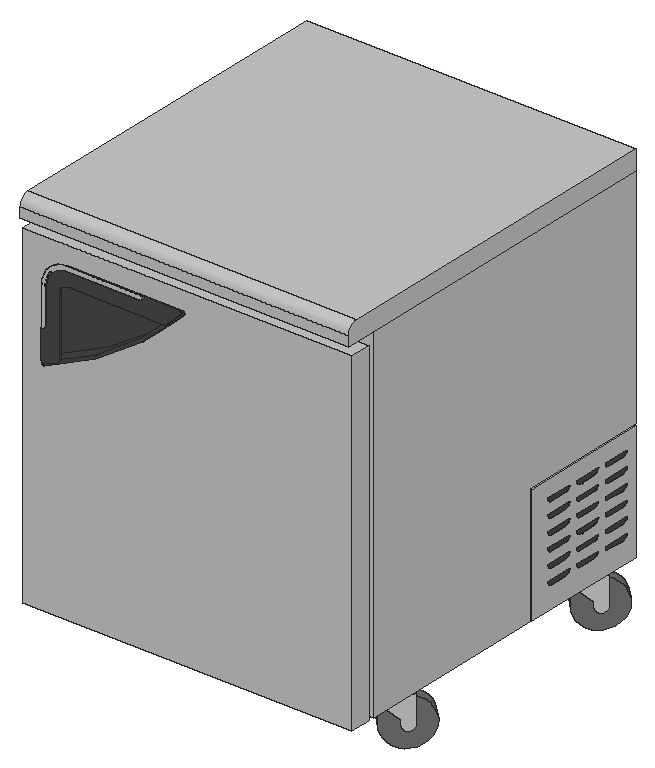
Revit family "QF_Turbo Air_TUF-28SD", category Specialty Equipment, Revit 2012
Parameters
  Weight in Pounds = 163
  Watermarked By = "http://revitwatermark.com"
  Volts = 115 V
  URL Cutsheet = ""
  URL = "www.turboairinc.com"
  Status [instance] = ""
  Specification by User [instance] = ""
  Specification by Manufacturer [instance] = ""
  Serial Number [instance] = ""
  Revision Code [instance] = ""
  Phase = 1
  Number of Poles [instance] = 1
  NAFEM Spec ID Number [instance] = ""
  Model = "TUF-28SD"
  Masterspec [instance] = ""
  Manufacturer = "Turbo Air"  # constant formula
  Legs [instance] = [6 inch Legs]  # no
  Item Number [instance] = "-"
  Installed By [instance] = ""
  HP = "1/3"
  Furnished By [instance] = ""
  Foodservice Equipment Identifier = yes
  FL Amps = 5.3 A
  Electrical Remarks [instance] = ""
  Electric Connection Type [instance] = ""
  Elec Conn RI Height [instance] = 0' - 0"
  Elec Conn Connection Height = 1' - 0"
  Description = "Undercounter Freezer"
  Cycle = 60 Hz
  Conn Plug = "NEMA 5-15P"
  Casters [instance] = not(Legs)  # yes
  CasterLeg Height [instance] = if([4 inch Casters], 0' 5", if([5 inch Casters], 0' 5 3/4", if([2_5 inch Casters], 0' 3 3/8", 0' 6")))  # 0' - 5"
  CSI MasterFormat = "11 41 13"
  Assembly Code = "E1090320"
  Apparent Power = if(Phase = 3, Volts * FL Amps * 1.73, Volts * FL Amps)  # 609.5 VA
  6 inch Legs [instance] = no
  5 inch Casters [instance] = no
  4 inch Casters [instance] = yes
  2_5 inch Casters [instance] = no
Reference planes (in)
  plane 1 "BACK": y = 0
  plane 2: z = 0
  plane 3 "LEFT": x = -20.78844
  plane 4 "Bottom": z = 5
  plane 5 "Back Stops": y = 1
  plane 6 "RIGHT": x = 6.71156
  plane 7 "FRONT": y = -30
  plane 8 "Door Clearance": y = -55.375
  plane 9 "Back of Door": y = -27.875
  plane 10 "Front of Box": y = -27.375
  plane 11 "Top of Door": z = 33.125
  plane 12 "TOP": z = 35.625
  plane 13 "Bottom of TOP": z = 34
Forms (in)
  Extrusion 1, solid, material "QF_Finishes_Stainless Steel"
    sketch origin (-20.78844, 0, 0) x (0, 1, 0) y (0, 0, 1)
      loop
        line (0, 5) -> (0, 34) -> (-27.375, 34) -> (-27.375, 5) -> (0, 5)
    from 0 to 27.5
  Extrusion 2, solid, material "QF_Finishes_Black"
    sketch origin (0, -27.375, 0) x (1, 0, 0) y (0, 0, 1)
      loop
        line (-19.78844, 32.125) -> (-19.78844, 6) -> (5.71156, 6) -> (5.71156, 32.125) -> (-19.78844, 32.125)
    from 0 to 0.5
  Extrusion 3, void
    sketch origin (6.71156, 0, 0) x (0, 1, 0) y (0, 0, 1)
      loop
        line (0, 5) -> (0, 15) -> (-11, 15) -> (-11, 5) -> (0, 5)
    from 0 to -1
  Extrusion 4, solid, material "QF_Finishes_Stainless Steel"
    sketch origin (6.71156, 0, 0) x (0, 1, 0) y (0, 0, 1)
      loop
        line (-10.875, 14.875) -> (-10.875, 5) -> (0, 5) -> (0, 14.875) -> (-10.875, 14.875)
      loop
        arc (-9.25, 13.5) -> (-9.10355, 13.14645) -> (-8.75, 13) r 0.5
        line (-8.75, 13) -> (-7.25, 13)
        arc (-7.25, 13) -> (-6.89645, 13.14645) -> (-6.75, 13.5) r 0.5
        line (-6.75, 13.5) -> (-9.25, 13.5)
      loop
        arc (-6.25, 13.5) -> (-6.10355, 13.14645) -> (-5.75, 13) r 0.5
        line (-5.75, 13) -> (-4.25, 13)
        arc (-4.25, 13) -> (-3.89645, 13.14645) -> (-3.75, 13.5) r 0.5
        line (-3.75, 13.5) -> (-6.25, 13.5)
      loop
        arc (-3.25, 13.5) -> (-3.10355, 13.14645) -> (-2.75, 13) r 0.5
        line (-2.75, 13) -> (-1.25, 13)
        arc (-1.25, 13) -> (-0.89645, 13.14645) -> (-0.75, 13.5) r 0.5
        line (-0.75, 13.5) -> (-3.25, 13.5)
      loop
        arc (-9.25, 12.25) -> (-9.10355, 11.89645) -> (-8.75, 11.75) r 0.5
        line (-8.75, 11.75) -> (-7.25, 11.75)
        arc (-7.25, 11.75) -> (-6.89645, 11.89645) -> (-6.75, 12.25) r 0.5
        line (-6.75, 12.25) -> (-9.25, 12.25)
      loop
        arc (-6.25, 12.25) -> (-6.10355, 11.89645) -> (-5.75, 11.75) r 0.5
        line (-5.75, 11.75) -> (-4.25, 11.75)
        arc (-4.25, 11.75) -> (-3.89645, 11.89645) -> (-3.75, 12.25) r 0.5
        line (-3.75, 12.25) -> (-6.25, 12.25)
      loop
        arc (-3.25, 12.25) -> (-3.10355, 11.89645) -> (-2.75, 11.75) r 0.5
        line (-2.75, 11.75) -> (-1.25, 11.75)
        arc (-1.25, 11.75) -> (-0.89645, 11.89645) -> (-0.75, 12.25) r 0.5
        line (-0.75, 12.25) -> (-3.25, 12.25)
      loop
        arc (-9.25, 11) -> (-9.10355, 10.64645) -> (-8.75, 10.5) r 0.5
        line (-8.75, 10.5) -> (-7.25, 10.5)
        arc (-7.25, 10.5) -> (-6.89645, 10.64645) -> (-6.75, 11) r 0.5
        line (-6.75, 11) -> (-9.25, 11)
      loop
        arc (-6.25, 11) -> (-6.10355, 10.64645) -> (-5.75, 10.5) r 0.5
        line (-5.75, 10.5) -> (-4.25, 10.5)
        arc (-4.25, 10.5) -> (-3.89645, 10.64645) -> (-3.75, 11) r 0.5
        line (-3.75, 11) -> (-6.25, 11)
      loop
        arc (-3.25, 11) -> (-3.10355, 10.64645) -> (-2.75, 10.5) r 0.5
        line (-2.75, 10.5) -> (-1.25, 10.5)
        arc (-1.25, 10.5) -> (-0.89645, 10.64645) -> (-0.75, 11) r 0.5
        line (-0.75, 11) -> (-3.25, 11)
      loop
        arc (-9.25, 9.75) -> (-9.10355, 9.39645) -> (-8.75, 9.25) r 0.5
        line (-8.75, 9.25) -> (-7.25, 9.25)
        arc (-7.25, 9.25) -> (-6.89645, 9.39645) -> (-6.75, 9.75) r 0.5
        line (-6.75, 9.75) -> (-9.25, 9.75)
      loop
        arc (-6.25, 9.75) -> (-6.10355, 9.39645) -> (-5.75, 9.25) r 0.5
        line (-5.75, 9.25) -> (-4.25, 9.25)
        arc (-4.25, 9.25) -> (-3.89645, 9.39645) -> (-3.75, 9.75) r 0.5
        line (-3.75, 9.75) -> (-6.25, 9.75)
      loop
        arc (-3.25, 9.75) -> (-3.10355, 9.39645) -> (-2.75, 9.25) r 0.5
        line (-2.75, 9.25) -> (-1.25, 9.25)
        arc (-1.25, 9.25) -> (-0.89645, 9.39645) -> (-0.75, 9.75) r 0.5
        line (-0.75, 9.75) -> (-3.25, 9.75)
      loop
        arc (-9.25, 8.5) -> (-9.10355, 8.14645) -> (-8.75, 8) r 0.5
        line (-8.75, 8) -> (-7.25, 8)
        arc (-7.25, 8) -> (-6.89645, 8.14645) -> (-6.75, 8.5) r 0.5
        line (-6.75, 8.5) -> (-9.25, 8.5)
      loop
        arc (-6.25, 8.5) -> (-6.10355, 8.14645) -> (-5.75, 8) r 0.5
        line (-5.75, 8) -> (-4.25, 8)
        arc (-4.25, 8) -> (-3.89645, 8.14645) -> (-3.75, 8.5) r 0.5
        line (-3.75, 8.5) -> (-6.25, 8.5)
      loop
        arc (-3.25, 8.5) -> (-3.10355, 8.14645) -> (-2.75, 8) r 0.5
        line (-2.75, 8) -> (-1.25, 8)
        arc (-1.25, 8) -> (-0.89645, 8.14645) -> (-0.75, 8.5) r 0.5
        line (-0.75, 8.5) -> (-3.25, 8.5)
      loop
        arc (-9.25, 7.25) -> (-9.10355, 6.89645) -> (-8.75, 6.75) r 0.5
        line (-8.75, 6.75) -> (-7.25, 6.75)
        arc (-7.25, 6.75) -> (-6.89645, 6.89645) -> (-6.75, 7.25) r 0.5
        line (-6.75, 7.25) -> (-9.25, 7.25)
      loop
        arc (-6.25, 7.25) -> (-6.10355, 6.89645) -> (-5.75, 6.75) r 0.5
        line (-5.75, 6.75) -> (-4.25, 6.75)
        arc (-4.25, 6.75) -> (-3.89645, 6.89645) -> (-3.75, 7.25) r 0.5
        line (-3.75, 7.25) -> (-6.25, 7.25)
      loop
        arc (-3.25, 7.25) -> (-3.10355, 6.89645) -> (-2.75, 6.75) r 0.5
        line (-2.75, 6.75) -> (-1.25, 6.75)
        arc (-1.25, 6.75) -> (-0.89645, 6.89645) -> (-0.75, 7.25) r 0.5
        line (-0.75, 7.25) -> (-3.25, 7.25)
    from 0 to -1
  Extrusion 5, solid, material "QF_Finishes_Black"
    sketch origin (6.71156, 0, 0) x (0, 1, 0) y (0, 0, 1)
      loop
        line (-9.875, 13.95221) -> (-9.875, 6.20221) -> (-0.375, 6.20221) -> (-0.375, 13.95221) -> (-9.875, 13.95221)
    from -0.125 to -1
  Extrusion 6, solid, material "QF_Finishes_Black"
    sketch origin (0, 0, 0) x (1, 0, 0) y (0, 0, 1)
      loop
        circle (-14.66344, 30.8125) r 0.5
      loop
        circle (0.58656, 30.8125) r 0.5
    from 0 to -1
  Extrusion 7, solid, material "QF_Finishes_Stainless Steel"
    sketch origin (0, 0, 0) x (1, 0, 0) y (0, 0, 1)
      loop
        circle (2.71156, 11.125) r 0.25
    from 0 to -0.0625
  Extrusion 8, solid, material "QF_Finishes_Polished Steel"
    sketch origin (-20.78844, 0, 0) x (0, 1, 0) y (0, 0, 1)
      loop
        line (0, 35.625) -> (-29.1875, 35.625)
        arc (-29.1875, 35.625) -> (-29.76202, 35.38702) -> (-30, 34.8125) r 0.8125
        line (-30, 34.8125) -> (-30, 34) -> (0, 34) -> (0, 35.625)
    from 0 to 27.5
Cuts and joins
  Extrusion 3 cuts Extrusion 1
Lines and regions (in)
  symbolic lines
    curve 1: line (-20.78844, 0, 35.875) -> (6.71156, 0, 35.875)
    curve 2: line (-20.78844, -30, 35.875) -> (-20.78844, 0, 35.875)
    curve 3: line (6.71156, -30, 35.875) -> (-20.78844, -30, 35.875)
    curve 4: line (6.71156, 0, 35.875) -> (6.71156, -30, 35.875)
    curve 5: line (0.08656, 1, 35.875) -> (1.08656, 1, 35.875)
    curve 6: line (-15.16344, 1, 35.875) -> (-14.16344, 1, 35.875)
    curve 7: line (-15.16344, 1, 35.875) -> (-15.16344, 0, 35.875)
    curve 8: line (-14.16344, 1, 35.875) -> (-14.16344, 0, 35.875)
    curve 9: line (0.08656, 1, 35.875) -> (0.08656, 0, 35.875)
    curve 10: line (1.08656, 1, 35.875) -> (1.08656, 0, 35.875)
  symbolic lines, style "QF_Clearances", detail levels coarse
    curve 11: line (6.71156, -30, 35.875) -> (6.71156, -55.375, 35.875)
    curve 12: arc (6.71156, -55.375, 35.875) -> (-11.96747, -48.05776, 35.875) -> (-20.70621, -30, 35.875) r 27.5
Dimensions and locks (in)
  "CasterLeg Height": plane 4 "Bottom" to plane 2
  locked: plane 1 "BACK" to plane 5 "Back Stops" at 1
  locked: plane 6 "RIGHT" to plane 3 "LEFT" at 27.5
  locked: plane 7 "FRONT" to plane 1 "BACK" at 30
  locked: plane 9 "Back of Door" to plane 10 "Front of Box" at 0.5
  locked: plane 8 "Door Clearance" to plane 1 "BACK" at 55.375
  locked: plane 11 "Top of Door" to Extrusion 2 sketch curve at 1
  locked: Extrusion 2 sketch curve to plane 3 "LEFT" at 1
  locked: Extrusion 2 sketch curve to plane 4 "Bottom" at 1
  locked: Extrusion 2 sketch curve to plane 6 "RIGHT" at 1
  locked: Extrusion 3 sketch curve to plane 1 "BACK" at 11
  locked: Extrusion 3 sketch curve to plane 4 "Bottom" at 10
  locked: plane 4 "Bottom" to Extrusion 4 sketch curve at 9.875
  locked: Extrusion 4 sketch curve to plane 1 "BACK" at 10.875
  locked: Extrusion 5 sketch curve to Extrusion 5 sketch curve at 7.75
  locked: Extrusion 5 sketch curve to plane 4 "Bottom" at 1.20221
  locked: Extrusion 5 sketch curve to Extrusion 5 sketch curve at 9.5
  locked: Extrusion 5 sketch curve to plane 1 "BACK" at 0.375
  locked: nested 2 to plane 1 "BACK" at 2.5625
  locked: plane 3 "LEFT" to nested 2 at 2.5
  locked: plane 3 "LEFT" to nested 3 at 2.5
  locked: plane 10 "Front of Box" to nested 3 at 4.625
  locked: nested 4 to plane 6 "RIGHT" at 2.5
  locked: nested 5 to plane 6 "RIGHT" at 2.5
  locked: plane 10 "Front of Box" to nested 5 at 4.625
  locked: nested 4 to plane 1 "BACK" at 2.5625
  locked: plane 6 "RIGHT" to Extrusion 6 sketch curve at 6.125
  locked: Extrusion 6 sketch curve to plane 3 "LEFT" at 6.125
  locked: Extrusion 7 sketch curve to plane 4 "Bottom" at 6.125
  locked: plane 6 "RIGHT" to Extrusion 7 sketch curve at 4
  locked: plane 12 "TOP" to plane 4 "Bottom" at 30.625
  locked: plane 12 "TOP" to plane 13 "Bottom of TOP" at 1.625
  locked: plane 13 "Bottom of TOP" to plane 11 "Top of Door" at 0.875
  plane 9 "Back of Door" to plane 1 "BACK" = 2' - 3 7/8"
  aligned and locked: level to plane 2
  aligned and locked: plane 3 "LEFT" to nested 1
  aligned and locked: plane 6 "RIGHT" to nested 1
  aligned and locked: Extrusion 1 sketch curve to plane 1 "BACK"
  aligned and locked: Extrusion 1 sketch curve to plane 4 "Bottom"
  aligned and locked: plane 10 "Front of Box" to Extrusion 1 sketch curve
  aligned and locked: plane 6 "RIGHT" to Extrusion 1
  aligned and locked: plane 9 "Back of Door" to Extrusion 2
  aligned and locked: Extrusion 3 sketch curve to plane 1 "BACK"
  aligned and locked: Extrusion 3 sketch curve to plane 4 "Bottom"
  aligned and locked: Extrusion 6 to plane 5 "Back Stops"
  aligned and locked: plane 1 "BACK" to curve 1
  aligned and locked: curve 4 to plane 6 "RIGHT"
  aligned and locked: plane 3 "LEFT" to curve 2
  aligned and locked: curve 3 to plane 7 "FRONT"
  aligned and locked: curve 5 to Extrusion 6
  aligned and locked: curve 6 to Extrusion 6
  aligned and locked: Extrusion 1 sketch curve to plane 13 "Bottom of TOP"
  aligned and locked: plane 1 "BACK" to Extrusion 8 sketch curve
  aligned and locked: plane 13 "Bottom of TOP" to Extrusion 8 sketch curve
  aligned and locked: Extrusion 8 sketch curve to plane 7 "FRONT"
  aligned and locked: Extrusion 8 sketch curve to plane 12 "TOP"
  aligned and locked: plane 6 "RIGHT" to Extrusion 8
  aligned and locked: plane 4 "Bottom" to nested 1
Automatic sketch dimensions
  Extrusion 4 sketch curve to plane 1 "BACK" = 0' - 0"
  Extrusion 4 sketch curve to plane 4 "Bottom" = 0' - 0"
  Extrusion 4 sketch curve to Extrusion 4 sketch curve = 0' - 1 5/8"
  Extrusion 4 sketch curve to Extrusion 4 sketch curve = 0' - 0"  (x16)
  Extrusion 4 sketch curve to Extrusion 4 sketch curve = 0' - 0 1/2"  (x31)
  Extrusion 4 sketch curve to Extrusion 4 sketch curve = 0' - 1 1/2"  (x4)
  plane 1 "BACK" to Extrusion 4 sketch curve = 0' - 1 1/4"  (x3)
  plane 4 "Bottom" to Extrusion 4 sketch curve = 0' - 1 3/4"  (x2)
  Extrusion 4 sketch curve to Extrusion 4 sketch curve = 0' - 0 3/4"  (x15)
  plane 8 "Door Clearance" to curve 11 = 0' - 0"
  plane 9 "Back of Door" to curve 12 = 0' - 0"
  curve 5 to curve 5 = 0' - 1"
  curve 8 to curve 7 = 0' - 1"
  Extrusion 6 sketch curve to plane 11 "Top of Door" = 0' - 2 5/16"  (x2)
  curve 5 to plane 6 "RIGHT" = 0' - 5 5/8"
  curve 8 to curve 1 = 0' - 6 5/8"
  Extrusion 8 sketch curve to plane 7 "FRONT" = 0' - 0 13/16"
  radius of Extrusion 6 sketch curve = 0' - 0 1/2"  (x2)
  radius of Extrusion 7 sketch curve = 0' - 0 1/4"
Nested families (in)
  nested 1: "QF_Turbo Air_TBL_Door-2" at (-8.46511, -27.875, 5) x (-1, 0, 0) z (0, 0, 1), type "QF_Turbo Air_TBL_Door-2"
    with Width 2' - 3 1/2", Symbolic Lines no, Height 2' - 4 1/8", Depth 0' - 1 13/16"
  nested 2: "FESCasterLeg" at (-18.28844, -2.5625, 0), Legs <- "Legs", Casters <- "Casters", Height <- "CasterLeg Height", type "FESCasterLeg"
    with Legs no, Height 0' - 5", Casters yes, Caster Radius 0' - 2"
  nested 3: "FESCasterLeg" at (-18.28844, -22.75, 0), Legs <- "Legs", Casters <- "Casters", Height <- "CasterLeg Height", type "FESCasterLeg"
    with Legs no, Height 0' - 5", Casters yes, Caster Radius 0' - 2"
  nested 4: "FESCasterLeg" at (4.21156, -2.5625, 0), Legs <- "Legs", Casters <- "Casters", Height <- "CasterLeg Height", type "FESCasterLeg"
    with Legs no, Height 0' - 5", Casters yes, Caster Radius 0' - 2"
  nested 5: "FESCasterLeg" at (4.21156, -22.75, 0), Legs <- "Legs", Casters <- "Casters", Height <- "CasterLeg Height", type "FESCasterLeg"
    with Legs no, Height 0' - 5", Casters yes, Caster Radius 0' - 2"
Connectors (in)
  electrical at (2.71156, 0.0625, 11.125), driven by "Number of Poles", driven by "Volts", driven by "Apparent Power"
    settings: on Extrusion 7, index 1, voltage 115 V, apparent load 609.5 VA, apparent load phase1 0 VA, apparent load phase2 0 VA, apparent load phase3 0 VA, power factor 1, load classification "Other", number of poles 1, system type 30, power factor state 1, is connector primary yes, connector utility no, sub classification motor no, connector description ""
Definition of nested family "QF_Turbo Air_TBL_Door-2"
  Parameters (values of type "QF_Turbo Air_TBL_Door-2")
    Width [instance] = 1' - 6"
    Watermarked By = "http://revitwatermark.com"
    Symbolic Lines [instance] = yes
    Manufacturer = "Turbo Air"  # constant formula
    Height [instance] = 2' - 3 1/2"
    Depth [instance] = 0' - 1 13/16"
  Reference planes (in)
    plane 1 "BACK": y = 0
    plane 2: z = 0
    plane 3 "LEFT": x = -15.17667
    plane 4: x = 2.82333
    plane 5 "FRONT": y = -1.8125
    plane 6: z = 27.5
  Forms (in)
    Extrusion 1, solid, material "QF_Finishes_Stainless Steel"
      sketch origin (0, 0, 0) x (1, 0, 0) y (0, 0, 1)
        loop
          line (-15.17667, 27.5) -> (-15.17667, 0) -> (2.82333, 0) -> (2.82333, 27.5) -> (-15.17667, 27.5)
        loop
          arc (1.26083, 23.75) -> (0.62013, 25.2968) -> (-0.92667, 25.9375) r 2.1875
          line (-0.92667, 25.9375) -> (-10.51602, 25.9375)
          arc (-10.51602, 25.9375) -> (-10.68463, 25.82502) -> (-10.64553, 25.62614) r 0.18261
          arc (-10.64553, 25.62614) -> (-5.27313, 21.0225) -> (1.01159, 17.7731) r 30.65514
          arc (1.01159, 17.7731) -> (1.18191, 17.79728) -> (1.26083, 17.95014) r 0.1875
          line (1.26083, 17.95014) -> (1.26083, 23.75)
      from 0 to 1.8125
    Extrusion 2, solid, material "QF_Finishes_Black"
      sketch origin (0, 0, 0) x (1, 0, 0) y (0, 0, 1)
        loop
          arc (-10.51602, 25.9375) -> (-10.68463, 25.82502) -> (-10.64553, 25.62614) r 0.18261
          arc (-10.64553, 25.62614) -> (-5.27313, 21.0225) -> (1.01159, 17.7731) r 30.65514
          arc (1.01159, 17.7731) -> (1.18191, 17.79728) -> (1.26083, 17.95014) r 0.1875
          line (1.26083, 17.95014) -> (1.26083, 23.75)
          arc (1.26083, 23.75) -> (0.62013, 25.2968) -> (-0.92667, 25.9375) r 2.1875
          line (-0.92667, 25.9375) -> (-10.51602, 25.9375)
      from 0 to 0.25
    Extrusion 3, solid, material "QF_Finishes_Black"
      sketch origin (0, -1.8125, 0) x (1, 0, 0) y (0, 0, 1)
        loop
          arc (-10.51602, 25.9375) -> (-10.68463, 25.82502) -> (-10.64553, 25.62614) r 0.18261
          arc (-10.64553, 25.62614) -> (-5.27313, 21.0225) -> (1.01159, 17.7731) r 30.65514
          arc (1.01159, 17.7731) -> (1.18191, 17.79728) -> (1.26083, 17.95014) r 0.1875
          line (1.26083, 17.95014) -> (1.26083, 23.75)
          arc (1.26083, 23.75) -> (0.62013, 25.2968) -> (-0.92667, 25.9375) r 2.1875
          line (-0.92667, 25.9375) -> (-10.51602, 25.9375)
        loop
          arc (-10.3612, 25.6875) -> (-5.1116, 21.21513) -> (1.01083, 18.04082) r 30.40514
          line (1.01083, 18.04082) -> (1.01083, 23.75)
          arc (1.01083, 23.75) -> (0.44335, 25.12002) -> (-0.92667, 25.6875) r 1.9375
          line (-0.92667, 25.6875) -> (-10.3612, 25.6875)
      from 0 to -1.5625
    Extrusion 4, solid, material "QF_Finishes_Stainless Steel"
      sketch origin (0, -1.8125, 0) x (1, 0, 0) y (0, 0, 1)
        loop
          line (0.8693, 23.74703) -> (0.8693, 20.9359)
          arc (0.8693, 20.9359) -> (0.97619, 20.67783) -> (1.23426, 20.57094) r 0.36497
          line (1.23426, 20.57094) -> (1.23426, 23.75728)
          arc (1.23426, 23.75728) -> (0.60343, 25.28026) -> (-0.91955, 25.9111) r 2.15381
          line (-0.91955, 25.9111) -> (-7.29364, 25.9111)
          arc (-7.29364, 25.9111) -> (-7.18686, 25.6533) -> (-6.92907, 25.54652) r 0.36457
          line (-6.92907, 25.54652) -> (-0.9302, 25.54652)
          arc (-0.9302, 25.54652) -> (0.34224, 25.01946) -> (0.8693, 23.74703) r 1.79949
      from 0 to 0.0625
    Extrusion 5, solid, material "QF_Finishes_Black"
      sketch origin (0, -1.8125, 0) x (1, 0, 0) y (0, 0, 1)
        loop
          line (-7.29579, 25.91713) -> (-10.23685, 25.91713)
          arc (-10.23685, 25.91713) -> (-10.4057, 25.80626) -> (-10.37109, 25.60724) r 0.18402
          arc (-10.37109, 25.60724) -> (-9.82156, 25.0362) -> (-9.25736, 24.47964) r 30.46741
          arc (-9.25736, 24.47964) -> (-9.13766, 24.40221) -> (-8.99771, 24.37509) r 0.37471
          line (-8.99771, 24.37509) -> (-0.92669, 24.37509)
          arc (-0.92669, 24.37509) -> (-0.48472, 24.19202) -> (-0.30165, 23.75005) r 0.62505
          line (-0.30165, 23.75005) -> (-0.30165, 18.75593)
          arc (-0.30165, 18.75593) -> (-0.23944, 18.54909) -> (-0.07345, 18.41087) r 0.375
          arc (-0.07345, 18.41087) -> (0.46451, 18.18804) -> (1.00663, 17.97553) r 30.46765
          arc (1.00663, 17.97553) -> (1.17982, 17.99636) -> (1.26095, 18.15079) r 0.18755
          line (1.26095, 18.15079) -> (1.26095, 20.57213)
          arc (1.26095, 20.57213) -> (0.98629, 20.66883) -> (0.87001, 20.93579) r 0.36461
          line (0.87001, 20.93579) -> (0.87001, 23.74835)
          arc (0.87001, 23.74835) -> (0.34256, 25.02175) -> (-0.93084, 25.54921) r 1.80086
          line (-0.93084, 25.54921) -> (-6.92787, 25.54921)
          arc (-6.92787, 25.54921) -> (-7.18803, 25.65697) -> (-7.29579, 25.91713) r 0.36792
      from 0 to 0.0625
  Lines and regions (in)
    symbolic lines, visible <- "Symbolic Lines"
      curve 1: line (-15.17667, 0, 25.96875) -> (2.82333, 0, 25.96875)
      curve 2: line (-15.17667, -1.8125, 25.96875) -> (-15.17667, 0, 25.96875)
      curve 3: line (2.82333, -1.8125, 25.96875) -> (-15.17667, -1.8125, 25.96875)
      curve 4: line (2.82333, 0, 25.96875) -> (2.82333, -1.8125, 25.96875)
  Dimensions and locks (in)
    "Width": plane 4 to plane 3 "LEFT"
    "Depth": plane 5 "FRONT" to plane 1 "BACK"
    "Height": plane 6 to plane 2
    locked: plane 4 to Extrusion 1 sketch curve at 3.75
    locked: plane 6 to Extrusion 1 sketch curve at 3.75
    locked: plane 6 to Extrusion 1 sketch curve at 9.54986
    locked: plane 4 to Extrusion 1 sketch curve at 1.5625
    locked: plane 6 to Extrusion 1 sketch curve at 1.5625
    locked: plane 4 to Extrusion 1 sketch curve at 13.33935
    locked: plane 6 to Extrusion 1 sketch curve at 1.87386
    locked: plane 6 to Extrusion 1 sketch curve at 9.7269
    locked: plane 4 to Extrusion 1 sketch curve at 1.81175
    locked: plane 4 to Extrusion 1 sketch curve at 13.46886
    locked: Extrusion 4 sketch curve to Extrusion 4 sketch curve at 0.36457
    locked: Extrusion 4 sketch curve to Extrusion 4 sketch curve at 0.36497
    locked: plane 4 to Extrusion 4 sketch curve at 1.58907
    locked: plane 6 to Extrusion 4 sketch curve at 1.5889
    plane 4 to Extrusion 4 sketch curve = 0' - 10.11697"
    locked: plane 4 to Extrusion 4 sketch curve at 9.7524
    locked: plane 4 to Extrusion 4 sketch curve at 3.74288
    locked: plane 4 to Extrusion 4 sketch curve at 3.75353
    locked: plane 6 to Extrusion 4 sketch curve at 3.74272
    locked: plane 6 to Extrusion 4 sketch curve at 3.75297
    locked: plane 6 to Extrusion 4 sketch curve at 6.92906
    locked: plane 6 to Extrusion 4 sketch curve at 6.5641
    locked: plane 4 to Extrusion 2 sketch curve at 3.75
    locked: plane 4 to Extrusion 2 sketch curve at 13.33935
    locked: plane 4 to Extrusion 2 sketch curve at 13.46886
    locked: plane 4 to Extrusion 2 sketch curve at 1.81175
    locked: plane 4 to Extrusion 2 sketch curve at 1.5625
    locked: plane 4 to Extrusion 5 sketch curve at 1.56238
    locked: plane 4 to Extrusion 5 sketch curve at 1.95332
    locked: plane 4 to Extrusion 5 sketch curve at 3.75417
    locked: plane 4 to Extrusion 5 sketch curve at 9.75121
    locked: plane 4 to Extrusion 5 sketch curve at 10.11912
    locked: plane 4 to Extrusion 5 sketch curve at 13.06018
    locked: plane 4 to Extrusion 5 sketch curve at 13.19443
    locked: plane 4 to Extrusion 5 sketch curve at 12.0807
    locked: plane 4 to Extrusion 5 sketch curve at 11.82104
    locked: plane 4 to Extrusion 5 sketch curve at 3.75003
    locked: plane 4 to Extrusion 5 sketch curve at 3.12498
    locked: plane 4 to Extrusion 5 sketch curve at 2.89679
    locked: plane 4 to Extrusion 5 sketch curve at 1.81671
    aligned and locked: level to plane 2
    aligned and locked: Extrusion 1 sketch curve to plane 6
    aligned and locked: plane 3 "LEFT" to Extrusion 1 sketch curve
    aligned and locked: level to Extrusion 1 sketch curve
    aligned and locked: Extrusion 1 sketch curve to plane 4
    aligned and locked: plane 5 "FRONT" to Extrusion 1
    aligned and locked: plane 1 "BACK" to curve 1
    aligned and locked: plane 3 "LEFT" to curve 2
    aligned and locked: curve 3 to plane 5 "FRONT"
    aligned and locked: curve 4 to plane 4
    aligned and locked: Extrusion 3 sketch curve to Extrusion 1  (x4)
  Automatic sketch dimensions
    plane 4 to Extrusion 1 sketch curve = 0' - 9.03101"
    Extrusion 2 sketch curve to plane 6 = 0' - 1 9/16"
    Extrusion 2 sketch curve to Extrusion 2 sketch curve = 0' - 5.79986"
    Extrusion 2 sketch curve to Extrusion 2 sketch curve = 0' - 0.31136"
    plane 4 to Extrusion 2 sketch curve = 0' - 9.03101"
    Extrusion 2 sketch curve to Extrusion 2 sketch curve = 0' - 0.17704"
    Extrusion 3 sketch curve to Extrusion 3 sketch curve = 0' - 0.12951"
    Extrusion 3 sketch curve to Extrusion 3 sketch curve = 0' - 0.15482"
    Extrusion 3 sketch curve to Extrusion 3 sketch curve = 0' - 0"  (x4)
    Extrusion 3 sketch curve to Extrusion 3 sketch curve = 0' - 0.00075"
    Extrusion 3 sketch curve to Extrusion 3 sketch curve = 0' - 0.09068"
    Extrusion 5 sketch curve to Extrusion 5 sketch curve = 0' - 0"  (x4)
    Extrusion 5 sketch curve to Extrusion 5 sketch curve = 0' - 0.00072"
    Extrusion 5 sketch curve to Extrusion 5 sketch curve = 0' - 2.81256"
    Extrusion 5 sketch curve to Extrusion 5 sketch curve = 0' - 0.36461"
    Extrusion 5 sketch curve to Extrusion 5 sketch curve = 0' - 1.8162"
    Extrusion 5 sketch curve to plane 6 = 0' - 1.89276"
    Extrusion 5 sketch curve to Extrusion 5 sketch curve = 0' - 0.14681"
    Extrusion 5 sketch curve to Extrusion 5 sketch curve = 0' - 0.06678"
    Extrusion 5 sketch curve to plane 6 = 0' - 1.58287"
Definition of nested family "FESCasterLeg"
  Parameters (values of type "FESCasterLeg")
    Watermarked By = "http://revitwatermark.com"
    Type Comments = "⍁⍉⌁⌀⏭⎽⌇⍠⌜⍉⎖⌥⌦⌯⍭⏊⍻⍿⍊⏵⍊⏗⏠⍴⎡⌈⎀⍠⌓⌤⏘⎐⍀⌐⏬⏁⎈⏍⏦⎒⏬⌝⍩⍇⌣〈⎫〉⎁⏊⍥⍖⍥⍝⍦⌖⍀⏌⏭⎝⎼⏷⏞⍻⏯⎽⏷⏞⍻⏯⎽⏷⎺⌻⎝⍎⌧⏷⏟⏿⌿⍜⍦⍤⌁⍬⏶⏎⍊⏚⏉⎞⌡⎀⎪⏈⌟⌿⍾⍼⌟⌿⌢⌞⏜⏝⎽⍷⍷⍯⍧⍷⌯⍽⏸⏨⏾⏎⌣⏺⍹⏼⏅⎏⌽⎫⎪⍙⎓⏗⎗⏅⌴⍏⍏⍿⏑⎺⍘⌭⏲⍥⎛⎾⎾⍞⍌⎪⎲⌙⎥⏏⎟⎟⏼⏘⎏⎝⏧⏍⏁⍏⍧⏯⏾⌟"
    Legs [instance] = yes
    Height [instance] = 0' - 6"
    Caster Radius [instance] = if(Height < 0' 3", 0' 1", (Height / 2) - 0' 0 1/2")  # 0' - 2 1/2"
    Casters [instance] = yes
    Assembly Code = ""
  Reference planes (in)
    plane 1 "Center (Front/Back)": y = 0
    plane 2: z = 0
    plane 3 "Center (Left/Right)": x = 0
    plane 4: z = 6
    plane 5: z = 5.5
  Forms (in)
    Extrusion 1, solid, material "QF_Finishes_Stainless Steel", visible <- "Casters"
      sketch origin (-24.12131, -22.88887, 10.18833) x (0.707107, 0.707107, 0) y (0, 0, 1)
        loop
          line (34.98772, -7.68833) -> (34.98772, -4.93833) -> (34.48772, -4.93833) -> (34.39402, -4.68833) -> (32.39402, -4.68833) -> (32.39402, -5.43833) -> (33.98772, -7.34206) -> (33.98772, -7.68833)
          arc (33.98772, -7.68833) -> (34.48772, -8.18833) -> (34.98772, -7.68833) r 0.5
      from 0 to 1.75
    Extrusion 2, solid, material "QF_Finishes_Rubber Black", visible <- "Casters"
      sketch origin (-24.32327, -23.09083, 13.31461) x (0.707107, 0.707107, 0) y (0, 0, 1)
        loop
          circle (34.77334, -10.81461) r 2.5
      from 0.375 to 1.375
    Extrusion 3, solid, material "QF_Finishes_Stainless Steel", visible <- "Casters"
      sketch origin (-7.24148, -8.48391, 0) x (0.707107, 0.707107, 0) y (0, 0, 1)
        loop
          line (10.61603, 5.5) -> (11.61603, 5.5) -> (11.61603, 6) -> (10.61603, 6) -> (10.61603, 5.5)
      from 0 to -1.75
    Blend 4, solid, material "QF_Finishes_Stainless Steel", visible <- "Legs"
      base sketch origin (0, 0, 0) x (1, 0, 0) y (0, 1, 0)
        loop
          circle (0, 0) r 0.5
      top sketch origin (0, 0, 0) x (1, 0, 0) y (0, 1, 0)
        loop
          circle (0, 0) r 1
      from 0 to 6 <- "Height"
  Lines and regions (in)
    symbolic lines, style "QF_Hidden Details", visible <- "Casters", built-in parameter 1006206 <- "Casters"
      curve 1: line (-1.26158, -0.51911, 0) -> (1.39007, 2.13254, 0)
      curve 2: line (-0.53429, -1.24639, 0) -> (2.11736, 1.40526, 0)
    symbolic lines, style "QF_Hidden Details", built-in parameter 1006206 <- "Casters", visible <- "Casters"
      curve 3: line (-1.26158, -0.51911, 0) -> (1.39007, 2.13254, 0)
      curve 4: line (-0.53429, -1.24639, 0) -> (2.11736, 1.40526, 0)
  Dimensions and locks (in)
    locked: plane 4 to plane 5 at 0.5
    "Height": plane 4 to level
    "Caster Radius": Extrusion 2 sketch curve to level
    "Caster Radius": Extrusion 1 sketch curve to level
    "Caster Radius": radius of Extrusion 2 sketch curve
    aligned and locked: plane 2 to level
    aligned: Blend 4 to Extrusion 3
    aligned and locked: plane 4 to Blend 4
    aligned and locked: Extrusion 3 to plane 5
    aligned and locked: plane 4 to Extrusion 3
    aligned and locked: plane 5 to Extrusion 1
  Automatic sketch dimensions
    plane 1 "Center (Front/Back)" to curve 3 = 0' - 0.51911"
    curve 3 to plane 3 "Center (Left/Right)" = 0' - 1.26158"
    plane 1 "Center (Front/Back)" to curve 1 = 0' - 0.51911"
    curve 1 to curve 3 = 0' - 0"  (x3)
    curve 4 to plane 3 "Center (Left/Right)" = 0' - 0.53429"
    curve 2 to curve 4 = 0' - 0"  (x2)
    plane 3 "Center (Left/Right)" to curve 3 = 0' - 1.39007"
    curve 1 to curve 4 = 0' - 0.72729"
    curve 2 to curve 1 = 0' - 0.72729"
    curve 4 to curve 2 = 0' - 0"  (x2)
    curve 2 to plane 1 "Center (Front/Back)" = 0' - 1.40526"
    curve 2 to curve 3 = 0' - 0.72729"
    plane 5 to Extrusion 1 sketch curve = 0' - 0"
    Extrusion 1 sketch curve to Extrusion 1 sketch curve = 0' - 1.5937"
    Extrusion 1 sketch curve to Extrusion 1 sketch curve = 0' - 2"
    Extrusion 1 sketch curve to Extrusion 1 sketch curve = 0' - 0.0937"
    Extrusion 1 sketch curve to Extrusion 1 sketch curve = 0' - 0 1/2"
    Extrusion 1 sketch curve to Extrusion 1 sketch curve = 0' - 0.34627"
    Extrusion 1 sketch curve to plane 5 = 0' - 0 3/4"
    Extrusion 1 sketch curve to plane 5 = 0' - 0 1/4"
    Extrusion 3 sketch curve to plane 5 = 0' - 0"
    plane 4 to Extrusion 3 sketch curve = 0' - 0"
    Extrusion 3 sketch curve to Extrusion 3 sketch curve = 0' - 1"
    plane 1 "Center (Front/Back)" to Blend 4 sketch curve = 0' - 0"  (x2)
    Blend 4 sketch curve to plane 3 "Center (Left/Right)" = 0' - 0"  (x2)
    radius of Blend 4 sketch curve = 0' - 0 1/2"
    radius of Blend 4 sketch curve = 0' - 1"
